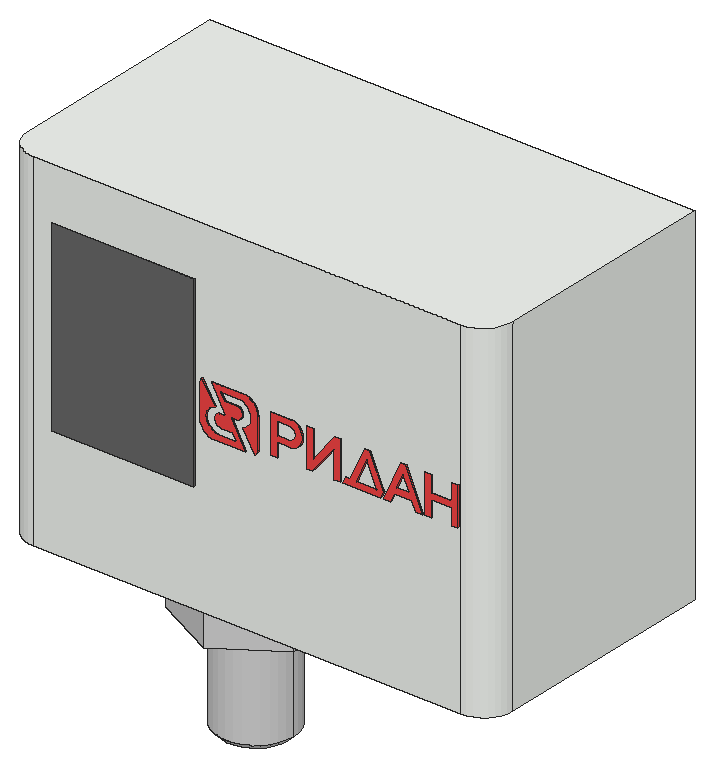
Revit family "РИДАН_Реле давления(KPI35R_KPI36R_KPI38R)", category Арматура трубопроводов, Revit 2019
Family settings
  Размер круглого соединителя = Использовать диаметр
  Тип детали = Нормальный
  На основе рабочей плоскости = Нет
  Всегда вертикально = Да
  При загрузке вырезать с полостями = Нет
  Общий = Нет
Parameters (values of type "KPI38R 060-508166R")
  Контакты_Производитель = "info@ridan.ru"  # constant formula
  b = 12 mm
  a = 6.5 mm
  ADSK_Наименование = "Реле давления KPI 38R, диапазон настройки 8...32 бар, дифференциал 2…6 бар, штуцер G1/4А, автоматический сброс"
  ADSK_Масса_Текст = ""
  ADSK_Масса = 0.3  # constant formula
  ADSK_Марка = "KPI38R"
  ADSK_Количество = 1  # constant formula
  ADSK_Код изделия = "060-508166R"
  ADSK_Завод-изготовитель = "ООО «Ридан-Трейд»"  # constant formula
  ADSK_Единица измерения = "шт."
  ADSK_Версия семейства = "1.0"  # constant formula
  ADSK_Версия Revit = "2019"  # constant formula
Types (6, lengths in mm): name | b | a | ADSK_Наименование | ADSK_Марка | ADSK_Код изделия
  (no name) | 12 | 6.5 | "Реле давления KPI 38R, диапазон настройки 8...32 бар, дифференциал 2…6 бар, штуцер G1/4А, автоматический сброс" | "KPI38R" | "060-508166R"
  КРI35R 060-121766R | 12 | 6.5 | "Реле давления KPI 35R, диапазон настройки -0,2...7,5 бар, дифференциал 0,7…4 бар, штуцер G1/4А, автоматический сброс" | "КРI35R" | "060-121766R"
  КРI35R 060-132466R | 15 | 10 | "Реле давления KPI 35R, диапазон настройки -0,2...7,5 бар, дифференциал 0,7…4 бар, штуцер G1/2А, автоматический сброс" | "КРI35R" | "060-132466R"
  КРI35R 060-132566R | 15 | 10 | "Реле давления KPI 35R, диапазон настройки -0,2...8 бар, дифференциал 0,4…1,5 бар, штуцер G1/2А, автоматический сброс" | "КРI35R" | "060-132566R"
  KPI36R 060-118966R | 12 | 6.5 | "Реле давления KPI 36R, диапазон настройки 2...14 бар, дифференциал 1…4 бар, штуцер G1/4А, автоматический сброс" | "KPI36R" | "060-118966R"
  KPI38R 060-508166R | 12 | 6.5 | "Реле давления KPI 38R, диапазон настройки 8...32 бар, дифференциал 2…6 бар, штуцер G1/4А, автоматический сброс" | "KPI38R" | "060-508166R"
Reference planes
  plane 1 "По центру (Вперед/Назад)": y = 0
  plane 2: z = 0
  plane 3 "По центру (Влево/Вправо)": x = 0
Forms (mm)
  Extrusion 1, solid, material "Белый", detail levels fine
    sketch origin (0, 0, 0) x (1, 0, 0) y (0, 1, 0)
      loop
        line (-24.25, 20.3) -> (-24.25, -18.7)
        arc (-24.25, -18.7) -> (-22.786, -22.236) -> (-19.25, -23.7) r 5
        line (-19.25, -23.7) -> (54.25, -23.7)
        arc (54.25, -23.7) -> (57.786, -22.236) -> (59.25, -18.7) r 5
        line (59.25, -18.7) -> (59.25, 20.3) -> (-24.25, 20.3)
    from 31.7 to 91.7
  Revolve 2, solid, material "Сталь нержавеющая", detail levels fine
    sketch origin (0, 0, 0) x (1, 0, 0) y (0, 0, 1)
      loop
        line (-6.5, 1) -> (-5.5, 0) -> (0, 0) -> (0, 18) -> (-6.5, 18) -> (-6.5, 1)
      axis (0, 18) -> (0, 0)
    angle from 0 to 360
  Extrusion 3, solid, material "Сталь нержавеющая", detail levels fine
    sketch origin (0, 0, 0) x (1, 0, 0) y (0, 1, 0)
      loop
        line (-0.668, 12.106) -> (-10.818, 5.475) -> (-10.15, -6.631) -> (0.668, -12.106) -> (10.818, -5.475) -> (10.15, 6.631) -> (-0.668, 12.106)
    from 18 to 28
  Revolve 4, solid, material "Сталь нержавеющая", detail levels fine
    sketch origin (0, 0, 0) x (1, 0, 0) y (0, 0, 1)
      loop
        line (0, 28) -> (0, 31.7) -> (-13.583, 31.7) -> (-13.583, 29.2)
        arc (-13.583, 29.2) -> (-12.845, 28.327) -> (-11.75, 28) r 2
        line (-11.75, 28) -> (0, 28)
      axis (0, 31.7) -> (0, 28)
    angle from 0 to 360
  Extrusion 5, solid, material "Пластик светло-черный", detail levels fine
    sketch origin (-8.337, 0, 0) x (1, 0, 0) y (0, 0, 1)
      loop
        line (-7.8, 82.7) -> (-7.8, 50.7) -> (16.75, 50.7) -> (16.75, 82.7) -> (-7.8, 82.7)
    from 22.8 to 23.8
  Extrusion 6, solid, material "Красный", detail levels fine
    sketch origin (0, 0, 0) x (1, 0, 0) y (0, 0, 1)
      loop
        line (11.467, 67.919) -> (13.847, 63.509) -> (12.993, 63.509)
        arc (12.993, 63.509) -> (12.29, 63.217) -> (11.998, 62.514) r 0.994
        arc (11.998, 62.514) -> (12.368, 61.623) -> (13.259, 61.254) r 1.261
        line (13.259, 61.254) -> (15.108, 61.254) -> (15.716, 60.109) -> (13.141, 60.109)
        arc (13.141, 60.109) -> (12.136, 60.288) -> (11.254, 60.8) r 2.923
        arc (11.254, 60.8) -> (10.612, 61.661) -> (10.55, 62.733) r 1.865
        arc (10.55, 62.733) -> (11.1, 63.712) -> (12.083, 64.256) r 2.055
        line (12.083, 64.256) -> (9.807, 67.919)
        arc (9.807, 67.919) -> (9.511, 67.44) -> (9.407, 66.887) r 1.532
        line (9.407, 66.887) -> (9.407, 61.686)
        arc (9.407, 61.686) -> (10.161, 59.865) -> (11.982, 59.111) r 2.574
        line (11.982, 59.111) -> (17.282, 59.111) -> (14.909, 63.509) -> (15.825, 63.509)
        arc (15.825, 63.509) -> (16.318, 63.745) -> (16.673, 64.162) r 1.316
        arc (16.673, 64.162) -> (16.786, 64.631) -> (16.673, 65.1) r 1.03
        arc (16.673, 65.1) -> (16.337, 65.556) -> (15.815, 65.777) r 1.072
        line (15.815, 65.777) -> (13.655, 65.777) -> (13.068, 66.881) -> (16.003, 66.881)
        arc (16.003, 66.881) -> (17.08, 66.558) -> (17.888, 65.777) r 2.377
        arc (17.888, 65.777) -> (18.205, 64.888) -> (18.112, 63.948) r 2.156
        arc (18.112, 63.948) -> (17.593, 63.143) -> (16.748, 62.691) r 1.911
        line (16.748, 62.691) -> (18.833, 59.22)
        arc (18.833, 59.22) -> (19.247, 59.579) -> (19.401, 60.105) r 0.972
        line (19.401, 60.105) -> (19.401, 65.299)
        arc (19.401, 65.299) -> (18.634, 67.152) -> (16.781, 67.919) r 2.62
        line (16.781, 67.919) -> (11.467, 67.919)
      loop
        line (21.612, 66.83) -> (21.612, 60.201) -> (22.766, 60.201) -> (22.766, 62.558) -> (25.097, 62.558)
        arc (25.097, 62.558) -> (26.115, 62.864) -> (26.837, 63.645) r 2.023
        arc (26.837, 63.645) -> (27.072, 64.943) -> (26.529, 66.147) r 2.223
        arc (26.529, 66.147) -> (25.877, 66.636) -> (25.085, 66.83) r 2.034
        line (25.085, 66.83) -> (21.612, 66.83)
      loop
        line (22.766, 65.785) -> (22.766, 63.5) -> (24.802, 63.5)
        arc (24.802, 63.5) -> (25.545, 63.87) -> (25.88, 64.629) r 1.223
        arc (25.88, 64.629) -> (25.592, 65.442) -> (24.802, 65.785) r 1.081
        line (24.802, 65.785) -> (22.766, 65.785)
      loop
        line (27.84, 66.83) -> (27.84, 60.201) -> (28.789, 60.201) -> (32.462, 64.824) -> (32.462, 60.201) -> (33.566, 60.201) -> (33.566, 66.83) -> (32.592, 66.83) -> (28.945, 62.194) -> (28.945, 66.83) -> (27.84, 66.83)
      loop
        line (34.003, 60.201) -> (40.59, 60.201) -> (41.038, 61.255) -> (38.59, 66.83) -> (37.7, 66.83) -> (35.261, 61.255) -> (34.451, 61.255) -> (34.003, 60.201)
      loop
        line (36.428, 61.255) -> (39.861, 61.255) -> (38.137, 65.186) -> (36.428, 61.255)
      loop
        line (43.962, 66.83) -> (41.047, 60.201) -> (42.231, 60.201) -> (42.869, 61.658) -> (45.904, 61.658) -> (46.541, 60.201) -> (47.75, 60.201) -> (44.852, 66.83) -> (43.962, 66.83)
      loop
        line (48.081, 66.83) -> (48.081, 60.201) -> (49.237, 60.201) -> (49.237, 63.013) -> (52.752, 63.013) -> (52.752, 60.201) -> (53.857, 60.201) -> (53.857, 66.83) -> (52.752, 66.83) -> (52.752, 64.067) -> (49.237, 64.067) -> (49.237, 66.83) -> (48.081, 66.83)
      loop
        line (43.329, 62.711) -> (45.444, 62.711) -> (44.371, 65.166) -> (43.329, 62.711)
    from 22.8 to 23.8
  Revolve 7, solid, material "Пластик светло-черный", detail levels fine
    sketch origin (0, -6.988, 0) x (1, 0, 0) y (0, 0, 1)
      loop
        line (25, 30.3) -> (29.5, 30.3) -> (29.5, 28.3) -> (31, 28.3) -> (31, 26.3) -> (31.839, 26.3) -> (31.839, 24.8) -> (35.5, 24.8) -> (35.5, 31.7) -> (22.2, 31.7) -> (25, 30.3)
      axis (35.5, 31.7) -> (35.5, 24.8)
    angle from 0 to 360
Lines and regions (mm)
  model lines, detail levels coarse+medium
    curve 1: circle (0, 0, 61.7) r 30 normal (0, -1, 0)
    curve 2: line (0, 0, 31.7) -> (0, 0, 0)
    curve 3: line (-5.837, 0, 80.913) -> (-5.837, 0, 38.646)
    curve 4: line (-5.837, 0, 80.913) -> (9.304, 0, 80.913)
    curve 5: line (-5.837, 0, 58.202) -> (8.992, 0, 58.202)
    curve 6: arc (9.304, 0, 80.913) -> (15.583, 0, 76.771) -> (17.834, 0, 69.593) r 11.22
    curve 7: arc (8.992, 0, 58.202) -> (15.485, 0, 62.289) -> (17.834, 0, 69.593) r 11.22
Dimensions and locks
  "a": Revolve 2 sketch curve to Revolve 2 sketch curve
  aligned and locked: level to plane 2
Automatic sketch dimensions
  Extrusion 1 sketch curve to plane 3 "По центру (Влево/Вправо)" = 24.25 mm
  Extrusion 1 sketch curve to Extrusion 1 sketch curve = 5 mm  (x2)
  plane 1 "По центру (Вперед/Назад)" to Extrusion 1 sketch curve = 23.7 mm
  plane 3 "По центру (Влево/Вправо)" to Extrusion 1 sketch curve = 54.25 mm
  Extrusion 1 sketch curve to plane 1 "По центру (Вперед/Назад)" = 20.3 mm
  Extrusion 3 sketch curve to plane 3 "По центру (Влево/Вправо)" = 10.818 mm
  Extrusion 3 sketch curve to plane 3 "По центру (Влево/Вправо)" = 10.15 mm
  Extrusion 3 sketch curve to plane 3 "По центру (Влево/Вправо)" = 0.668 mm
  plane 3 "По центру (Влево/Вправо)" to Extrusion 3 sketch curve = 0.668 mm
  plane 3 "По центру (Влево/Вправо)" to Extrusion 3 sketch curve = 10.15 mm
  plane 3 "По центру (Влево/Вправо)" to Extrusion 3 sketch curve = 10.818 mm
  plane 1 "По центру (Вперед/Назад)" to Extrusion 3 sketch curve = 12.106 mm
  plane 1 "По центру (Вперед/Назад)" to Extrusion 3 sketch curve = 6.631 mm
  plane 1 "По центру (Вперед/Назад)" to Extrusion 3 sketch curve = 5.475 mm
  Extrusion 3 sketch curve to plane 1 "По центру (Вперед/Назад)" = 5.475 mm
  Extrusion 3 sketch curve to plane 1 "По центру (Вперед/Назад)" = 6.631 mm
  Extrusion 3 sketch curve to plane 1 "По центру (Вперед/Назад)" = 12.106 mm
  Revolve 4 sketch curve to plane 3 "По центру (Влево/Вправо)" = 0 mm  (x2)
  Revolve 4 sketch curve to plane 3 "По центру (Влево/Вправо)" = 11.75 mm
  Revolve 4 sketch curve to Revolve 4 sketch curve = 1.833 mm
  level to Revolve 4 sketch curve = 28 mm
  Revolve 4 sketch curve to Revolve 4 sketch curve = 1.2 mm
  Revolve 4 sketch curve to Revolve 4 sketch curve = 3.7 mm
  Revolve 4 sketch curve to Revolve 4 sketch curve = 3.464 mm
  Revolve 4 sketch curve to Revolve 4 sketch curve = 2.836 mm
  Extrusion 5 sketch curve to plane 3 "По центру (Влево/Вправо)" = 16.137 mm
  plane 3 "По центру (Влево/Вправо)" to Extrusion 5 sketch curve = 8.413 mm
  level to Extrusion 5 sketch curve = 50.7 mm
  Extrusion 5 sketch curve to Extrusion 5 sketch curve = 32 mm
  plane 3 "По центру (Влево/Вправо)" to Extrusion 6 sketch curve = 9.407 mm
  Extrusion 6 sketch curve to Extrusion 6 sketch curve = 0.4 mm
  Extrusion 6 sketch curve to Extrusion 6 sketch curve = 1.132 mm
  Extrusion 6 sketch curve to Extrusion 6 sketch curve = 0.528 mm
  Extrusion 6 sketch curve to Extrusion 6 sketch curve = 2.574 mm
  Extrusion 6 sketch curve to Extrusion 6 sketch curve = 0.101 mm
  Extrusion 6 sketch curve to Extrusion 6 sketch curve = 0.383 mm
  Extrusion 6 sketch curve to Extrusion 6 sketch curve = 0.184 mm
  Extrusion 6 sketch curve to Extrusion 6 sketch curve = 0.444 mm
  Extrusion 6 sketch curve to Extrusion 6 sketch curve = 1.601 mm
  Extrusion 6 sketch curve to Extrusion 6 sketch curve = 0.148 mm
  Extrusion 6 sketch curve to Extrusion 6 sketch curve = 0.118 mm  (x2)
  Extrusion 6 sketch curve to Extrusion 6 sketch curve = 0.587 mm
  Extrusion 6 sketch curve to Extrusion 6 sketch curve = 0.706 mm
  Extrusion 6 sketch curve to Extrusion 6 sketch curve = 1.061 mm
  Extrusion 6 sketch curve to Extrusion 6 sketch curve = 1.849 mm
  Extrusion 6 sketch curve to Extrusion 6 sketch curve = 0.606 mm
  Extrusion 6 sketch curve to Extrusion 6 sketch curve = 0.158 mm
  Extrusion 6 sketch curve to Extrusion 6 sketch curve = 0.608 mm
  Extrusion 6 sketch curve to Extrusion 6 sketch curve = 0.083 mm  (x2)
  Extrusion 6 sketch curve to Extrusion 6 sketch curve = 0.301 mm
  Extrusion 6 sketch curve to Extrusion 6 sketch curve = 0.916 mm
  Extrusion 6 sketch curve to Extrusion 6 sketch curve = 0.123 mm
  Extrusion 6 sketch curve to Extrusion 6 sketch curve = 0.188 mm
  Extrusion 6 sketch curve to Extrusion 6 sketch curve = 0.187 mm
  Extrusion 6 sketch curve to Extrusion 6 sketch curve = 0.232 mm
  Extrusion 6 sketch curve to Extrusion 6 sketch curve = 0.923 mm
  Extrusion 6 sketch curve to Extrusion 6 sketch curve = 0.778 mm
  Extrusion 6 sketch curve to Extrusion 6 sketch curve = 1.566 mm
  Extrusion 6 sketch curve to Extrusion 6 sketch curve = 1.147 mm
  Extrusion 6 sketch curve to Extrusion 6 sketch curve = 0.404 mm
  Extrusion 6 sketch curve to Extrusion 6 sketch curve = 2.62 mm
  Extrusion 6 sketch curve to Extrusion 6 sketch curve = 2.211 mm
  Extrusion 6 sketch curve to Extrusion 6 sketch curve = 1.153 mm
  Extrusion 6 sketch curve to Extrusion 6 sketch curve = 0 mm  (x17)
  Extrusion 6 sketch curve to Extrusion 6 sketch curve = 1.894 mm
  Extrusion 6 sketch curve to Extrusion 6 sketch curve = 0.142 mm  (x2)
  Extrusion 6 sketch curve to Extrusion 6 sketch curve = 0.063 mm
  Extrusion 6 sketch curve to Extrusion 6 sketch curve = 0.178 mm
  Extrusion 6 sketch curve to Extrusion 6 sketch curve = 0.283 mm
  Extrusion 6 sketch curve to Extrusion 6 sketch curve = 0.295 mm
  Extrusion 6 sketch curve to Extrusion 6 sketch curve = 2.756 mm
  Extrusion 6 sketch curve to Extrusion 6 sketch curve = 0.949 mm
  Extrusion 6 sketch curve to Extrusion 6 sketch curve = 0.156 mm
  Extrusion 6 sketch curve to Extrusion 6 sketch curve = 3.517 mm
  Extrusion 6 sketch curve to Extrusion 6 sketch curve = 0.13 mm
  Extrusion 6 sketch curve to Extrusion 6 sketch curve = 1.104 mm  (x2)
  Extrusion 6 sketch curve to Extrusion 6 sketch curve = 0.437 mm  (x2)
  Extrusion 6 sketch curve to Extrusion 6 sketch curve = 0.448 mm  (x2)
  Extrusion 6 sketch curve to Extrusion 6 sketch curve = 0.81 mm
  Extrusion 6 sketch curve to Extrusion 6 sketch curve = 1.167 mm
  Extrusion 6 sketch curve to Extrusion 6 sketch curve = 4.134 mm
  Extrusion 6 sketch curve to Extrusion 6 sketch curve = 0.89 mm  (x2)
  Extrusion 6 sketch curve to Extrusion 6 sketch curve = 3.433 mm
  Extrusion 6 sketch curve to Extrusion 6 sketch curve = 0.729 mm
  Extrusion 6 sketch curve to Extrusion 6 sketch curve = 0.457 mm
  Extrusion 6 sketch curve to Extrusion 6 sketch curve = 1.184 mm
  Extrusion 6 sketch curve to Extrusion 6 sketch curve = 0.637 mm  (x2)
  Extrusion 6 sketch curve to Extrusion 6 sketch curve = 0.46 mm  (x2)
  Extrusion 6 sketch curve to Extrusion 6 sketch curve = 0.634 mm
  Extrusion 6 sketch curve to Extrusion 6 sketch curve = 0.408 mm
  Extrusion 6 sketch curve to Extrusion 6 sketch curve = 2.115 mm
  Extrusion 6 sketch curve to Extrusion 6 sketch curve = 1.209 mm
  Extrusion 6 sketch curve to Extrusion 6 sketch curve = 3.229 mm
  Extrusion 6 sketch curve to Extrusion 6 sketch curve = 1.155 mm  (x2)
  Extrusion 6 sketch curve to Extrusion 6 sketch curve = 3.516 mm
  Extrusion 6 sketch curve to Extrusion 6 sketch curve = 1.105 mm
  level to Extrusion 6 sketch curve = 59.111 mm
  Extrusion 6 sketch curve to Extrusion 6 sketch curve = 0.109 mm
  Extrusion 6 sketch curve to Extrusion 6 sketch curve = 0.998 mm  (x2)
  Extrusion 6 sketch curve to Extrusion 6 sketch curve = 0.096 mm
  Extrusion 6 sketch curve to Extrusion 6 sketch curve = 1.144 mm
  Extrusion 6 sketch curve to Extrusion 6 sketch curve = 1.055 mm
  Extrusion 6 sketch curve to Extrusion 6 sketch curve = 1.458 mm
  Extrusion 6 sketch curve to Extrusion 6 sketch curve = 1.993 mm
  Extrusion 6 sketch curve to Extrusion 6 sketch curve = 0.569 mm
  Extrusion 6 sketch curve to Extrusion 6 sketch curve = 0.044 mm
  Extrusion 6 sketch curve to Extrusion 6 sketch curve = 0.26 mm
  Extrusion 6 sketch curve to Extrusion 6 sketch curve = 2.357 mm
  Extrusion 6 sketch curve to Extrusion 6 sketch curve = 1.437 mm
  Extrusion 6 sketch curve to Extrusion 6 sketch curve = 1.053 mm  (x2)
  Extrusion 6 sketch curve to Extrusion 6 sketch curve = 2.813 mm
  Extrusion 6 sketch curve to Extrusion 6 sketch curve = 0.518 mm
  Extrusion 6 sketch curve to Extrusion 6 sketch curve = 0.942 mm
  Extrusion 6 sketch curve to Extrusion 6 sketch curve = 0.477 mm
  Extrusion 6 sketch curve to Extrusion 6 sketch curve = 0.747 mm
  Extrusion 6 sketch curve to Extrusion 6 sketch curve = 0.041 mm
  Extrusion 6 sketch curve to Extrusion 6 sketch curve = 1.08 mm
  Extrusion 6 sketch curve to Extrusion 6 sketch curve = 0.124 mm
  Extrusion 6 sketch curve to Extrusion 6 sketch curve = 0.093 mm
  Extrusion 6 sketch curve to Extrusion 6 sketch curve = 0.032 mm
  Extrusion 6 sketch curve to Extrusion 6 sketch curve = 0.01 mm
  Extrusion 6 sketch curve to Extrusion 6 sketch curve = 0.073 mm
  Extrusion 6 sketch curve to Extrusion 6 sketch curve = 0.126 mm
  Extrusion 6 sketch curve to Extrusion 6 sketch curve = 3.569 mm
  Extrusion 6 sketch curve to Extrusion 6 sketch curve = 2.455 mm
  Extrusion 6 sketch curve to Extrusion 6 sketch curve = 3.931 mm
  Extrusion 6 sketch curve to Extrusion 6 sketch curve = 1.351 mm
  Extrusion 6 sketch curve to Extrusion 6 sketch curve = 0.989 mm
  Extrusion 6 sketch curve to Extrusion 6 sketch curve = 1.071 mm
  Extrusion 6 sketch curve to Extrusion 6 sketch curve = 2.764 mm  (x2)
  Extrusion 6 sketch curve to Extrusion 6 sketch curve = 1.664 mm
  Extrusion 6 sketch curve to Extrusion 6 sketch curve = 2.201 mm
  Extrusion 6 sketch curve to Extrusion 6 sketch curve = 1.644 mm
  Extrusion 6 sketch curve to Extrusion 6 sketch curve = 1.045 mm
  Extrusion 6 sketch curve to Extrusion 6 sketch curve = 2.006 mm
  Extrusion 6 sketch curve to Extrusion 6 sketch curve = 1.032 mm
  Extrusion 6 sketch curve to Extrusion 6 sketch curve = 0.375 mm
  Extrusion 6 sketch curve to Extrusion 6 sketch curve = 1.107 mm
  plane 3 "По центру (Влево/Вправо)" to Revolve 7 sketch curve = 22.2 mm
  Revolve 7 sketch curve to Revolve 7 sketch curve = 2.8 mm
  Revolve 7 sketch curve to Revolve 7 sketch curve = 4.5 mm  (x2)
  Revolve 7 sketch curve to Revolve 7 sketch curve = 1.5 mm  (x2)
  Revolve 7 sketch curve to Revolve 7 sketch curve = 0.839 mm
  level to Revolve 7 sketch curve = 24.8 mm
  Revolve 7 sketch curve to Revolve 7 sketch curve = 2 mm  (x2)
  Revolve 7 sketch curve to Revolve 7 sketch curve = 3.4 mm
  Revolve 7 sketch curve to Revolve 7 sketch curve = 0 mm
  Revolve 7 sketch curve to Revolve 7 sketch curve = 2.389 mm
  Revolve 7 sketch curve to Revolve 7 sketch curve = 1.568 mm
  curve 2 to level = 0 mm
  curve 2 to plane 3 "По центру (Влево/Вправо)" = 0 mm
  curve 1 to plane 3 "По центру (Влево/Вправо)" = 0 mm
  curve 3 to plane 3 "По центру (Влево/Вправо)" = 5.837 mm
  plane 3 "По центру (Влево/Вправо)" to curve 6 = 6.622 mm
  curve 6 to curve 7 = 0 mm
  plane 3 "По центру (Влево/Вправо)" to curve 5 = 8.992 mm
  plane 3 "По центру (Влево/Вправо)" to curve 4 = 9.304 mm
  level to curve 5 = 58.202 mm
  curve 5 to curve 1 = 3.498 mm
  curve 5 to curve 7 = 10.967 mm
  curve 7 to curve 6 = 0.85 mm
  curve 6 to curve 3 = 10.894 mm
  curve 2 to curve 5 = 26.502 mm
  curve 2 to curve 3 = 6.946 mm
  Revolve 2 sketch curve to level = 0 mm
  Revolve 2 sketch curve to plane 3 "По центру (Влево/Вправо)" = 0 mm  (x2)
  Revolve 2 sketch curve to Revolve 2 sketch curve = 1 mm
  level to Revolve 2 sketch curve = 1 mm
  level to Revolve 2 sketch curve = 18 mm
  Revolve 2 sketch curve to level = 2.627 mm
  Revolve 2 sketch curve to Revolve 2 sketch curve = 2.267 mm
Nested families
  nested 1: "УГО_ЭУ_реле" at (0, 0, 0), type "УГО_ЭУ_реле"
    with УГО_Длина 100 mm, УГО_Высота 76.308 mm
Connectors
  piping at (0, 0, 0), diameter 12, driven by "b"
    settings: on Revolve 2, index 1, connector inside diameter 609.6 mm, connector length 0 mm, flow factor 0, pipe flow 0.0 L/s, pressure drop 0.0 Pa, fitting loss kfactor 0, connector angle 0.00°, fixture units 0, engagement length 0 mm, angle of deflection 0.00°, flow configuration 0, flow direction 0, fitting loss method 0, system type 28, joint type 0, gender type 0, connector reference index -1, connector utility 0, adjustable connector no, is connector primary yes, connector description ""
  electrical at (35.5, -6.988, 24.8)
    settings: on Revolve 7, index 2, voltage 0 V, apparent load 0 VA, apparent load phase1 0 VA, apparent load phase2 0 VA, apparent load phase3 0 VA, power factor 1, load classification "Прочее", number of poles 1, system type 13, power factor state 1, is connector primary yes, connector utility no, sub classification motor no, connector description ""
Definition of nested family "УГО_ЭУ_реле"
  Parameters (values of type "УГО_ЭУ_реле")
    УГО_Длина [instance] = 100 mm
    УГО_Высота [instance] = УГО_Длина * 0.76308  # 76.308 mm
  Reference planes
    plane 1 "По центру (Вперед/Назад)": y = 0
    plane 2: z = 0
    plane 3 "По центру (Влево/Вправо)": x = 0
  Lines and regions (mm)
    detail lines, in view "Опорный уровень", detail levels coarse+medium
      curve 1: line (0, 0, 0) -> (0, 31, 0)
      curve 2: circle (0, 61, 0) r 30 normal (0, 0, 1)
      curve 3: line (-11.768, 82.406, 59.779) -> (-11.768, 40.139, 59.779)
      curve 4: line (-11.768, 82.406, 59.779) -> (3.372, 82.406, 59.779)
      curve 5: line (-11.768, 59.695, 59.779) -> (3.06, 59.695, 59.779)
      curve 6: arc (3.372, 82.406, 59.779) -> (9.651, 78.264, 59.779) -> (11.902, 71.087, 59.779) r 11.22
      curve 7: arc (3.06, 59.695, 59.779) -> (9.554, 63.782, 59.779) -> (11.902, 71.087, 59.779) r 11.22
